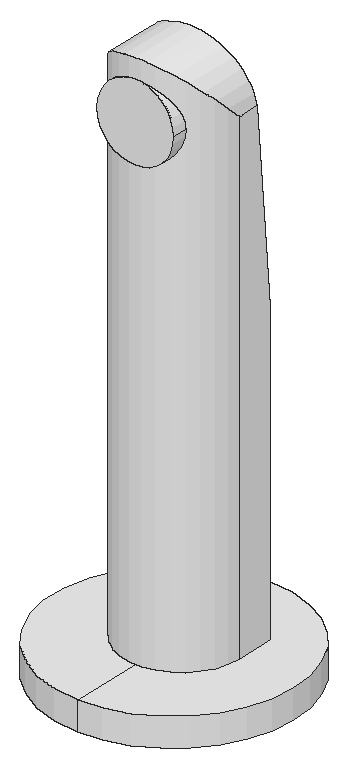
Revit family "Tub_Spout-Diverter-Grohe-13284002", category Plumbing Fixtures, host Face, Revit 2018
Family settings
  Host = Face
  Round Connector Dimension = Use Diameter
  Part Type = Normal
  OmniClass Number = 23.45.05.14.21.11
  OmniClass Title = Bath/Shower Units
  Cut with Voids When Loaded = No
  Shared = Yes
  Room Calculation Point = No
Parameters (values of type "13284002")
  Width = 3 1/8"
  Waste Connection = no
  Warranty Information = "Lifetime Limited Warranty"  # constant formula
  WFU = 4  # constant formula
  Vent Connection = no
  URL = "https://www.grohe.us/"
  Type Comments = ""
  Tempered Water Connection Diameter = 1" / 2  # 1/2"
  Region = "North America"  # constant formula
  Product Page URL = "https://www.grohe.us/Tub-Fillers/Tub-Spout/GROHE-CHROME-13284002"
  Product Documentation Link = "https://americanstandard.box.com/shared/static/sy31ui8ml8yvq635g2dr662owubgpss4.pdf"
  Price = "Prices may vary. Please consult Manufacturer Representative for most up-to-date price list."  # constant formula
  Model = "13284002"
  Material = "Metal-Grohe-002-Starlight_Chrome"
  Manufacturer = "Grohe"  # constant formula
  Length = 6 11/16"
  Installation Type = "Wall Mounted"  # constant formula
  Height = 3 1/8"
  HWFU = 3  # constant formula
  HW Connection = yes
  Description = "EUROSTYLE COSMOPOLITAN Tub Spout"  # constant formula
  Default Elevation = 0"
  Creation Date = "03/30/2021"  # constant formula
  CWFU = 3  # constant formula
  CW Connection = yes
  Body Material = Metal-Grohe-002-Starlight Chrome
  Assembly Code = "D2090800"
Reference planes (in)
  plane 1 "Center (Front/Back)": y = 0
  plane 2: z = 0
  plane 3 "Center (Left/Right)": x = 0
  plane 4: y = 1.5625
  plane 5: y = -1.5625
  plane 6: z = 6.6875
  plane 7: z = 0.375
  plane 8: y = 0.8125
  plane 9: y = -0.625
  plane 10: x = 0.75
  plane 11: x = -0.75
  plane 12: z = 7.6875
  plane 13: x = 1.5625
  plane 14: x = -1.5625
Forms (in)
  Revolve 1, solid, material "Metal-Grohe-002-Starlight Chrome" <- "Body Material"
    sketch origin (0, 0, 0) x (0, 1, 0) y (0, 0, 1)
      loop
        line (0, 0) -> (0, 0.375) -> (-1.5625, 0.375) -> (-1.5625, 0) -> (0, 0)
      axis (0, 0) -> (0, 0.375)
    angle from 0 to 360
  Extrusion 2, solid, material "Metal-Grohe-002-Starlight Chrome" <- "Body Material"
    sketch origin (0, 0, 0) x (1, 0, 0) y (0, 1, 0)
      loop
        line (-0.75, 0.8125) -> (-0.75, 0.125)
        arc (-0.75, 0.125) -> (0, -0.625) -> (0.75, 0.125) r 0.75
        line (0.75, 0.125) -> (0.75, 0.8125) -> (-0.75, 0.8125)
    from 0.375 to 7.6875
  Extrusion 3, void
    sketch origin (0, 0, 0) x (0, 1, 0) y (0, 0, 1)
      loop
        line (0.625, 0.375) -> (1.5625, 0.375) -> (1.5625, 7.6875) -> (0.1875, 7.6875)
        arc (0.1875, 7.6875) -> (0.51519, 5.98211) -> (0.625, 4.249) r 13.73117
        line (0.625, 4.249) -> (0.625, 0.375)
    from -1.30538 to 1.26617
  Extrusion 4, void
    sketch origin (0, 0, 0) x (1, 0, 0) y (0, 0, 1)
      loop
        arc (-0.75, 6.6875) -> (0, 7.4375) -> (0.75, 6.6875) r 0.75
        line (0.75, 6.6875) -> (1.75, 6.6875) -> (1.75, 7.6875) -> (-1.75, 7.6875) -> (-1.75, 6.6875) -> (-0.75, 6.6875)
    from -1.87099 to 2.24857
  Extrusion 5, solid, material "Metal-Grohe-002-Starlight Chrome" <- "Body Material"
    sketch origin (0, 0, 0) x (1, 0, 0) y (0, 0, 1)
      loop
        circle (0, 6.6875) r 0.5
    from 0 to 0.625
  Extrusion 6, solid
    sketch origin (-0.00088, 0.00229, 0) x (1, 0, 0) y (0, 1, 0)
      loop
        circle (0, 0) r 0.25
    from -0.0625 to 0
Cuts and joins
  Extrusion 3 cuts Revolve 1
  Extrusion 3, Extrusion 4 cuts Extrusion 2
Lines and regions (in)
  Masking region 1
    outline origin (0, 0, 0) x (1, 0, 0) y (0, 0, 1)
      loop
        line (1.56228, 0) -> (1.56228, 0.375) -> (0.75, 0.375) -> (0.75, 6.6875)
        arc (0.75, 6.6875) -> (0, 7.4375) -> (-0.75, 6.6875) r 0.75
        line (-0.75, 6.6875) -> (-0.75, 0.375) -> (-1.62638, 0.375) -> (-1.62638, 0) -> (1.56228, 0)
  symbolic lines, detail levels fine
    curve 1: line (0.75, 0, 0.375) -> (-0.75, 0, 0.375)
Dimensions and locks (in)
  "Length": host face to plane 6
  locked: plane 7 to host face at 0.375
  plane 1 "Center (Front/Back)" to plane 8 = 13/16"
  plane 9 to plane 1 "Center (Front/Back)" = 5/8"
  "Height": plane 5 to plane 4
  "Width": plane 14 to plane 13
  aligned and locked: plane 2 to host face
  aligned and locked: level to host face
  aligned and locked: plane 5 to Revolve 1 sketch curve
  aligned and locked: Revolve 1 sketch curve to plane 1 "Center (Front/Back)"
  aligned and locked: Revolve 1 sketch curve to host face
  aligned and locked: plane 7 to Revolve 1 sketch curve
  aligned and locked: plane 12 to Extrusion 2
  aligned and locked: Extrusion 2 to plane 8
  aligned and locked: Revolve 1 to Extrusion 3
  aligned and locked: Extrusion 5 to plane 1 "Center (Front/Back)"
  aligned and locked: plane 9 to Extrusion 5
  aligned and locked: Extrusion 3 to Extrusion 2
  aligned and locked: plane 11 to Masking region 1 sketch curve
  aligned and locked: Masking region 1 sketch curve to plane 10
  aligned and locked: Masking region 1 sketch curve to cut or joined group of Extrusion 2, Extrusion 3, Extrusion 4
  aligned and locked: Masking region 1 sketch curve to plane 7
  aligned and locked: Masking region 1 sketch curve to host face
  aligned and locked: plane 7 to Masking region 1 sketch curve
  aligned and locked: cut or joined group of Revolve 1, Extrusion 3 to plane 7
Automatic sketch dimensions
  curve 1 to plane 7 = 0"
  plane 11 to curve 1 = 0"
  curve 1 to plane 10 = 0"
  host sketch curve to host sketch curve = 96"  (x2)
  Revolve 1 sketch curve to plane 1 "Center (Front/Back)" = 0"
  plane 7 to Revolve 1 sketch curve = 0.26012"
  Revolve 1 sketch curve to Revolve 1 sketch curve = 0.37327"
  Extrusion 2 sketch curve to plane 11 = 0"
  Extrusion 2 sketch curve to plane 3 "Center (Left/Right)" = 0"
  plane 8 to Extrusion 2 sketch curve = 0"
  Extrusion 2 sketch curve to plane 1 "Center (Front/Back)" = 1/8"
  Extrusion 3 sketch curve to plane 12 = 0"
  plane 7 to Extrusion 3 sketch curve = 0"
  Extrusion 3 sketch curve to plane 4 = 0"
  plane 8 to Extrusion 3 sketch curve = 3/16"
  Extrusion 3 sketch curve to plane 1 "Center (Front/Back)" = 3/16"
  plane 6 to Extrusion 3 sketch curve = 2.4385"
  Extrusion 4 sketch curve to plane 12 = 0"
  Extrusion 4 sketch curve to plane 6 = 0"
  plane 11 to Extrusion 4 sketch curve = 0"
  Extrusion 4 sketch curve to plane 3 "Center (Left/Right)" = 0"
  Extrusion 4 sketch curve to plane 14 = 3/16"
  plane 13 to Extrusion 4 sketch curve = 3/16"
  Extrusion 5 sketch curve to plane 3 "Center (Left/Right)" = 0"
  Extrusion 5 sketch curve to plane 6 = 0"
  Extrusion 6 sketch curve to plane 3 "Center (Left/Right)" = 0.00088"
  Extrusion 6 sketch curve to plane 1 "Center (Front/Back)" = 0.00229"
  Masking region 1 sketch curve to plane 14 = 0.06388"
  Masking region 1 sketch curve to plane 13 = 0.00022"
  radius of Extrusion 5 sketch curve = 1/2"
  radius of Extrusion 6 sketch curve = 1/4"
Connectors (in)
  piping at (-0.00088, 0.00229, -0.0625), diameter 0.5, driven by "CWFU", driven by "Tempered Water Connection Diameter"
    settings: on Extrusion 6, index 1, connector inside diameter 24", connector length 0", flow factor 0, pipe flow 0 GPM, pressure drop 0.00 psi, fitting loss kfactor 0, connector angle 0.00°, fixture units 3, engagement length 0", angle of deflection 0.00°, flow configuration 3, flow direction 1, fitting loss method 0, system type 29, joint type 0, gender type 0, connector reference index -1, connector utility 0, adjustable connector no, is connector primary yes, connector description "1/2\" NPT Female thread"
